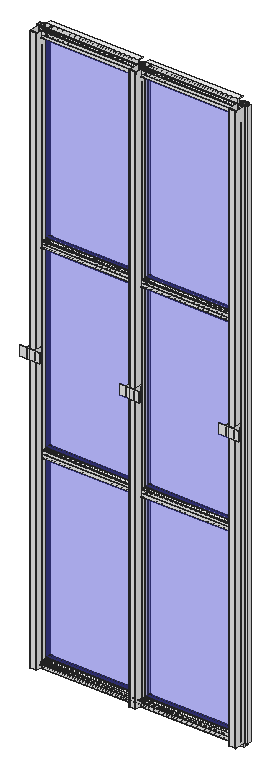
Revit family "Facade_60_Curtain_Wall_I23_Standard", category Windows, host Wall, Revit 2014 (continued)
Definition of nested family "F60 Vertical Profile Side_I23_Std"
  Automatic sketch dimensions
    Extrusion 4 sketch curve to Extrusion 4 sketch curve = 0.4 mm  (x2)
    Extrusion 4 sketch curve to Extrusion 4 sketch curve = 1.4 mm
    Extrusion 4 sketch curve to Extrusion 4 sketch curve = 0.539 mm  (x2)
    Extrusion 4 sketch curve to Extrusion 4 sketch curve = 0 mm
    plane 1 "Center (Front/Back)" to Extrusion 4 sketch curve = 14.874 mm
    plane 3 "Center (Left/Right)" to Extrusion 5 sketch curve = 0.001 mm
    Extrusion 5 sketch curve to Extrusion 5 sketch curve = 0.65 mm  (x2)
    Extrusion 5 sketch curve to Extrusion 5 sketch curve = 0.128 mm  (x2)
    plane 3 "Center (Left/Right)" to Extrusion 5 sketch curve = 1.015 mm
    plane 3 "Center (Left/Right)" to Extrusion 5 sketch curve = 1.051 mm
    Extrusion 5 sketch curve to Extrusion 5 sketch curve = 0.469 mm  (x2)
    Extrusion 5 sketch curve to Extrusion 5 sketch curve = 1.079 mm
    Extrusion 5 sketch curve to Extrusion 5 sketch curve = 1.317 mm  (x2)
    Extrusion 5 sketch curve to Extrusion 5 sketch curve = 0 mm  (x3)
    plane 3 "Center (Left/Right)" to Extrusion 5 sketch curve = 3.851 mm
    Extrusion 5 sketch curve to Extrusion 5 sketch curve = 0.15 mm  (x2)
    Extrusion 5 sketch curve to Extrusion 5 sketch curve = 26 mm  (x2)
    Extrusion 5 sketch curve to Extrusion 5 sketch curve = 1.05 mm
    plane 1 "Center (Front/Back)" to Extrusion 5 sketch curve = 16.772 mm
    Extrusion 5 sketch curve to Extrusion 5 sketch curve = 0.707 mm
    Extrusion 5 sketch curve to Extrusion 5 sketch curve = 0.433 mm
    plane 1 "Center (Front/Back)" to Extrusion 5 sketch curve = 17.298 mm
    plane 1 "Center (Front/Back)" to Extrusion 5 sketch curve = 14.076 mm
    Extrusion 5 sketch curve to Extrusion 5 sketch curve = 0.5 mm  (x2)
    plane 1 "Center (Front/Back)" to Extrusion 5 sketch curve = 18.761 mm
    Extrusion 5 sketch curve to Extrusion 5 sketch curve = 0.1 mm  (x3)
    Extrusion 5 sketch curve to Extrusion 5 sketch curve = 1.1 mm  (x2)
    Extrusion 5 sketch curve to Extrusion 5 sketch curve = 8.608 mm
    Extrusion 5 sketch curve to Extrusion 5 sketch curve = 0.962 mm
    Extrusion 6 sketch curve to plane 3 "Center (Left/Right)" = 0 mm
    plane 3 "Center (Left/Right)" to Extrusion 6 sketch curve = 1 mm
    plane 3 "Center (Left/Right)" to Extrusion 6 sketch curve = 1.65 mm
    plane 3 "Center (Left/Right)" to Extrusion 6 sketch curve = 1.85 mm
    Extrusion 6 sketch curve to Extrusion 6 sketch curve = 10.317 mm  (x3)
    Extrusion 6 sketch curve to Extrusion 6 sketch curve = 1.833 mm  (x4)
    Extrusion 6 sketch curve to Extrusion 6 sketch curve = 0.02 mm  (x2)
    Extrusion 6 sketch curve to plane 1 "Center (Front/Back)" = 13 mm
    Extrusion 6 sketch curve to Extrusion 6 sketch curve = 31.961 mm
    Extrusion 6 sketch curve to Extrusion 6 sketch curve = 32 mm
    Extrusion 6 sketch curve to Extrusion 6 sketch curve = 0.2 mm  (x5)
    Extrusion 6 sketch curve to Extrusion 6 sketch curve = 0.85 mm
    Extrusion 6 sketch curve to Extrusion 6 sketch curve = 1.65 mm
    Extrusion 6 sketch curve to Extrusion 6 sketch curve = 1 mm  (x8)
    Extrusion 6 sketch curve to Extrusion 6 sketch curve = 1.944 mm
    Extrusion 6 sketch curve to Extrusion 6 sketch curve = 4.656 mm  (x2)
    Extrusion 6 sketch curve to Extrusion 6 sketch curve = 82.1 mm
    Extrusion 6 sketch curve to Extrusion 6 sketch curve = 2.5 mm
    Extrusion 7 sketch curve to plane 3 "Center (Left/Right)" = 0 mm
    Extrusion 7 sketch curve to Extrusion 7 sketch curve = 1 mm  (x3)
    plane 3 "Center (Left/Right)" to Extrusion 7 sketch curve = 1.65 mm
    plane 3 "Center (Left/Right)" to Extrusion 7 sketch curve = 2.35 mm
    Extrusion 7 sketch curve to Extrusion 7 sketch curve = 0.6 mm  (x3)
    Extrusion 7 sketch curve to Extrusion 7 sketch curve = 9.217 mm  (x2)
    Extrusion 7 sketch curve to Extrusion 7 sketch curve = 1.833 mm  (x2)
    Extrusion 7 sketch curve to Extrusion 7 sketch curve = 32 mm
    Extrusion 7 sketch curve to plane 1 "Center (Front/Back)" = 15 mm
    Extrusion 7 sketch curve to Extrusion 7 sketch curve = 54.1 mm
    Extrusion 7 sketch curve to Extrusion 7 sketch curve = 1.3 mm
    Extrusion 7 sketch curve to Extrusion 7 sketch curve = 1.95 mm
    Extrusion 7 sketch curve to Extrusion 7 sketch curve = 1.65 mm
    Extrusion 7 sketch curve to Extrusion 7 sketch curve = 4.987 mm
    Extrusion 7 sketch curve to Extrusion 7 sketch curve = 4.813 mm
    Extrusion 7 sketch curve to Extrusion 7 sketch curve = 4.812 mm
    Extrusion 7 sketch curve to Extrusion 7 sketch curve = 137.5 mm
    Extrusion 7 sketch curve to Extrusion 7 sketch curve = 0.2 mm  (x2)
    Extrusion 7 sketch curve to Extrusion 7 sketch curve = 0.4 mm  (x2)
    Extrusion 7 sketch curve to Extrusion 7 sketch curve = 4.5 mm
    Extrusion 8 sketch curve to plane 3 "Center (Left/Right)" = 0 mm
    Extrusion 8 sketch curve to Extrusion 8 sketch curve = 1 mm  (x3)
    plane 3 "Center (Left/Right)" to Extrusion 8 sketch curve = 1.65 mm
    plane 3 "Center (Left/Right)" to Extrusion 8 sketch curve = 2.75 mm
    Extrusion 8 sketch curve to Extrusion 8 sketch curve = 0.8 mm  (x2)
    Extrusion 8 sketch curve to Extrusion 8 sketch curve = 52.5 mm
    Extrusion 8 sketch curve to plane 1 "Center (Front/Back)" = 15.1 mm
    Extrusion 8 sketch curve to Extrusion 8 sketch curve = 52.9 mm
    Extrusion 8 sketch curve to Extrusion 8 sketch curve = 1.9 mm
    Extrusion 8 sketch curve to Extrusion 8 sketch curve = 2.75 mm
    Extrusion 8 sketch curve to Extrusion 8 sketch curve = 4.444 mm
    Extrusion 8 sketch curve to Extrusion 8 sketch curve = 4.656 mm  (x2)
    Extrusion 8 sketch curve to Extrusion 8 sketch curve = 163.2 mm
    Extrusion 8 sketch curve to Extrusion 8 sketch curve = 9.5 mm
    plane 3 "Center (Left/Right)" to Extrusion 9 sketch curve = 25.249 mm
    Extrusion 9 sketch curve to Extrusion 9 sketch curve = 0.5 mm  (x4)
    Extrusion 9 sketch curve to Extrusion 9 sketch curve = 1.1 mm
    plane 1 "Center (Front/Back)" to Extrusion 9 sketch curve = 11.356 mm  (x2)
    Extrusion 9 sketch curve to Extrusion 9 sketch curve = 0.293 mm  (x2)
    Extrusion 9 sketch curve to Extrusion 9 sketch curve = 1.896 mm
    Extrusion 9 sketch curve to Extrusion 9 sketch curve = 1.922 mm
    Extrusion 9 sketch curve to Extrusion 9 sketch curve = 1 mm  (x2)
    Extrusion 9 sketch curve to Extrusion 9 sketch curve = 0.7 mm
    Extrusion 9 sketch curve to Extrusion 9 sketch curve = 0.808 mm
    Extrusion 9 sketch curve to plane 1 "Center (Front/Back)" = 2.272 mm  (x2)
    Extrusion 9 sketch curve to Extrusion 9 sketch curve = 0.303 mm
    Extrusion 9 sketch curve to plane 1 "Center (Front/Back)" = 1.745 mm
    Extrusion 9 sketch curve to Extrusion 9 sketch curve = 0.356 mm
    plane 1 "Center (Front/Back)" to Extrusion 9 sketch curve = 9.206 mm  (x2)
    Extrusion 9 sketch curve to Extrusion 9 sketch curve = 1.647 mm
    Extrusion 9 sketch curve to Extrusion 9 sketch curve = 0.701 mm
    Extrusion 9 sketch curve to Extrusion 9 sketch curve = 0.992 mm
    Extrusion 9 sketch curve to Extrusion 9 sketch curve = 0.003 mm
    Extrusion 9 sketch curve to Extrusion 9 sketch curve = 0.002 mm
    Extrusion 9 sketch curve to Extrusion 9 sketch curve = 0.004 mm
    Extrusion 9 sketch curve to Extrusion 9 sketch curve = 0.708 mm
    Extrusion 9 sketch curve to plane 1 "Center (Front/Back)" = 1.946 mm
    Extrusion 9 sketch curve to Extrusion 9 sketch curve = 0.899 mm
    Extrusion 9 sketch curve to Extrusion 9 sketch curve = 0.444 mm
    Extrusion 9 sketch curve to Extrusion 9 sketch curve = 3.038 mm
    Extrusion 9 sketch curve to plane 1 "Center (Front/Back)" = 0.385 mm  (x2)
    Extrusion 9 sketch curve to Extrusion 9 sketch curve = 0.756 mm
    Extrusion 9 sketch curve to Extrusion 9 sketch curve = 2.153 mm
    Extrusion 9 sketch curve to Extrusion 9 sketch curve = 0.631 mm
    Extrusion 9 sketch curve to Extrusion 9 sketch curve = 0.807 mm
    Extrusion 9 sketch curve to Extrusion 9 sketch curve = 1.646 mm
    Extrusion 9 sketch curve to Extrusion 9 sketch curve = 0.707 mm
    Extrusion 9 sketch curve to Extrusion 9 sketch curve = 1.393 mm
    Extrusion 9 sketch curve to Extrusion 9 sketch curve = 1.923 mm
    Extrusion 9 sketch curve to Extrusion 9 sketch curve = 11.937 mm
    Extrusion 9 sketch curve to Extrusion 9 sketch curve = 1.6 mm
    Extrusion 9 sketch curve to Extrusion 9 sketch curve = 0.9 mm  (x2)
    Extrusion 9 sketch curve to Extrusion 9 sketch curve = 1.356 mm  (x2)
    Extrusion 9 sketch curve to Extrusion 9 sketch curve = 0.714 mm
    Extrusion 9 sketch curve to Extrusion 9 sketch curve = 0.02 mm
    Extrusion 9 sketch curve to Extrusion 9 sketch curve = 0.399 mm
    Extrusion 9 sketch curve to Extrusion 9 sketch curve = 2.224 mm
    Extrusion 9 sketch curve to Extrusion 9 sketch curve = 0.448 mm
    Extrusion 9 sketch curve to plane 1 "Center (Front/Back)" = 0.198 mm
    Extrusion 9 sketch curve to plane 1 "Center (Front/Back)" = 0.201 mm
    Extrusion 9 sketch curve to Extrusion 9 sketch curve = 0.032 mm
    Extrusion 9 sketch curve to Extrusion 9 sketch curve = 0 mm
    plane 3 "Center (Left/Right)" to Extrusion 10 sketch curve = 1.014 mm
    Extrusion 10 sketch curve to Extrusion 10 sketch curve = 0.469 mm  (x2)
    plane 3 "Center (Left/Right)" to Extrusion 10 sketch curve = 1.706 mm
    Extrusion 10 sketch curve to Extrusion 10 sketch curve = 1.079 mm
    Extrusion 10 sketch curve to Extrusion 10 sketch curve = 0.864 mm
    Extrusion 10 sketch curve to Extrusion 10 sketch curve = 1.15 mm  (x4)
    Extrusion 10 sketch curve to Extrusion 10 sketch curve = 3.2 mm  (x2)
    Extrusion 10 sketch curve to Extrusion 10 sketch curve = 3.031 mm  (x2)
    Extrusion 10 sketch curve to Extrusion 10 sketch curve = 0.6 mm  (x3)
    Extrusion 10 sketch curve to Extrusion 10 sketch curve = 15.584 mm  (x2)
    Extrusion 10 sketch curve to Extrusion 10 sketch curve = 0.808 mm  (x2)
    Extrusion 10 sketch curve to Extrusion 10 sketch curve = 3.038 mm
    Extrusion 10 sketch curve to Extrusion 10 sketch curve = 0.865 mm
    Extrusion 10 sketch curve to Extrusion 10 sketch curve = 1.25 mm  (x5)
    Extrusion 10 sketch curve to Extrusion 10 sketch curve = 0.61 mm
    plane 1 "Center (Front/Back)" to Extrusion 10 sketch curve = 31.288 mm
    Extrusion 10 sketch curve to Extrusion 10 sketch curve = 0.362 mm
    plane 1 "Center (Front/Back)" to Extrusion 10 sketch curve = 31.65 mm
    Extrusion 10 sketch curve to Extrusion 10 sketch curve = 0.962 mm
    Extrusion 10 sketch curve to Extrusion 10 sketch curve = 0.85 mm
    Extrusion 10 sketch curve to Extrusion 10 sketch curve = 0.512 mm  (x2)
    Extrusion 10 sketch curve to Extrusion 10 sketch curve = 0.4 mm  (x2)
    Extrusion 10 sketch curve to Extrusion 10 sketch curve = 1 mm
    Extrusion 10 sketch curve to Extrusion 10 sketch curve = 2.8 mm
    Extrusion 10 sketch curve to Extrusion 10 sketch curve = 0 mm  (x2)
    Extrusion 10 sketch curve to Extrusion 10 sketch curve = 1.4 mm
    Extrusion 10 sketch curve to Extrusion 10 sketch curve = 0.539 mm  (x2)
    plane 1 "Center (Front/Back)" to Extrusion 10 sketch curve = 28.864 mm
    Extrusion 11 sketch curve to plane 3 "Center (Left/Right)" = 0 mm
    plane 3 "Center (Left/Right)" to Extrusion 11 sketch curve = 0.65 mm
    Extrusion 11 sketch curve to Extrusion 11 sketch curve = 0.128 mm  (x2)
    plane 3 "Center (Left/Right)" to Extrusion 11 sketch curve = 1.014 mm
    plane 3 "Center (Left/Right)" to Extrusion 11 sketch curve = 1.05 mm
    Extrusion 11 sketch curve to Extrusion 11 sketch curve = 0.469 mm  (x2)
    Extrusion 11 sketch curve to Extrusion 11 sketch curve = 1.079 mm
    Extrusion 11 sketch curve to Extrusion 11 sketch curve = 1.317 mm  (x2)
    Extrusion 11 sketch curve to Extrusion 11 sketch curve = 0 mm  (x3)
    plane 3 "Center (Left/Right)" to Extrusion 11 sketch curve = 3.85 mm
    Extrusion 11 sketch curve to Extrusion 11 sketch curve = 0.15 mm  (x2)
    Extrusion 11 sketch curve to Extrusion 11 sketch curve = 26 mm  (x2)
    Extrusion 11 sketch curve to Extrusion 11 sketch curve = 1.05 mm
    Extrusion 11 sketch curve to Extrusion 11 sketch curve = 0.707 mm
    Extrusion 11 sketch curve to Extrusion 11 sketch curve = 0.433 mm
    plane 1 "Center (Front/Back)" to Extrusion 11 sketch curve = 31.288 mm
    plane 1 "Center (Front/Back)" to Extrusion 11 sketch curve = 28.065 mm
    Extrusion 11 sketch curve to Extrusion 11 sketch curve = 1.314 mm
    Extrusion 11 sketch curve to Extrusion 11 sketch curve = 0.65 mm
    Extrusion 11 sketch curve to Extrusion 11 sketch curve = 0.5 mm  (x2)
    plane 1 "Center (Front/Back)" to Extrusion 11 sketch curve = 32.75 mm
    Extrusion 11 sketch curve to Extrusion 11 sketch curve = 0.1 mm  (x3)
    Extrusion 11 sketch curve to Extrusion 11 sketch curve = 1.1 mm  (x2)
    Extrusion 11 sketch curve to Extrusion 11 sketch curve = 8.608 mm
    Extrusion 11 sketch curve to Extrusion 11 sketch curve = 0.962 mm
    Extrusion 12 sketch curve to plane 3 "Center (Left/Right)" = 21.349 mm
    Extrusion 12 sketch curve to Extrusion 12 sketch curve = 6.35 mm
    plane 3 "Center (Left/Right)" to Extrusion 12 sketch curve = 10.403 mm
    plane 1 "Center (Front/Back)" to Extrusion 12 sketch curve = 35.567 mm
    plane 1 "Center (Front/Back)" to Extrusion 12 sketch curve = 10.171 mm
    plane 1 "Center (Front/Back)" to Extrusion 12 sketch curve = 3.821 mm
    Extrusion 13 sketch curve to plane 3 "Center (Left/Right)" = 21.35 mm
    Extrusion 13 sketch curve to Extrusion 13 sketch curve = 6.35 mm
    plane 3 "Center (Left/Right)" to Extrusion 13 sketch curve = 10.402 mm
    plane 1 "Center (Front/Back)" to Extrusion 13 sketch curve = 33.172 mm
    plane 1 "Center (Front/Back)" to Extrusion 13 sketch curve = 7.775 mm
    plane 1 "Center (Front/Back)" to Extrusion 13 sketch curve = 1.425 mm
    Extrusion 14 sketch curve to plane 3 "Center (Left/Right)" = 0 mm
    plane 3 "Center (Left/Right)" to Extrusion 14 sketch curve = 1.2 mm
    Extrusion 14 sketch curve to Extrusion 14 sketch curve = 9.6 mm
    Extrusion 14 sketch curve to Extrusion 14 sketch curve = 1.2 mm  (x3)
    plane 1 "Center (Front/Back)" to Extrusion 14 sketch curve = 25.775 mm
    plane 1 "Center (Front/Back)" to Extrusion 14 sketch curve = 8.975 mm
    curve 4 to Extrusion 6 = 0 mm
    curve 3 to Extrusion 6 = 0 mm
    curve 1 to Extrusion 6 = 0 mm
    curve 4 to Extrusion 6 = 3.6 mm
    curve 3 to Extrusion 6 = 3.6 mm
    curve 1 to Extrusion 6 = 3.6 mm
    Extrusion 6 to curve 2 = 1 mm
    Extrusion 6 to curve 5 = 1 mm
    Extrusion 6 to curve 6 = 1 mm
    curve 6 to Extrusion 6 = 1 mm
    curve 5 to Extrusion 6 = 1 mm
    curve 2 to Extrusion 6 = 1 mm
    curve 9 to Extrusion 6 = 0 mm
    curve 8 to Extrusion 6 = 0 mm
    curve 7 to Extrusion 6 = 0 mm
    Extrusion 6 to curve 8 = 3.6 mm
    Extrusion 6 to curve 9 = 3.6 mm
    Extrusion 6 to curve 7 = 3.6 mm
    curve 12 to Extrusion 5 = 25.894 mm
    curve 11 to Extrusion 5 = 25.894 mm
    curve 10 to Extrusion 5 = 25.894 mm
    curve 10 to Extrusion 5 = 0.108 mm
    Extrusion 5 to curve 12 = 0.703 mm
    Extrusion 5 to curve 11 = 0.703 mm
    curve 13 to Extrusion 5 = 4 mm
    curve 14 to Extrusion 5 = 4 mm
    curve 15 to Extrusion 5 = 4 mm
    Extrusion 5 to curve 15 = 0.702 mm
    Extrusion 5 to curve 14 = 0.702 mm
    Extrusion 5 to curve 13 = 0.702 mm
    curve 18 to Extrusion 7 = 0 mm
    curve 17 to Extrusion 7 = 0 mm
    curve 16 to Extrusion 7 = 0 mm
    Extrusion 7 to curve 17 = 3.6 mm
    Extrusion 7 to curve 18 = 3.6 mm
    Extrusion 7 to curve 16 = 3.6 mm
    Extrusion 7 to curve 21 = 1 mm  (x2)
    Extrusion 7 to curve 20 = 1 mm  (x2)
    Extrusion 7 to curve 19 = 1 mm  (x2)
    curve 24 to Extrusion 7 = 0 mm
    curve 23 to Extrusion 7 = 0 mm
    curve 22 to Extrusion 7 = 0 mm
    curve 24 to Extrusion 7 = 3.6 mm
    curve 23 to Extrusion 7 = 3.6 mm
    curve 22 to Extrusion 7 = 3.6 mm
    curve 27 to Extrusion 8 = 0 mm
    curve 26 to Extrusion 8 = 0 mm
    curve 25 to Extrusion 8 = 0 mm
    Extrusion 8 to curve 26 = 3.6 mm
    Extrusion 8 to curve 27 = 3.6 mm
    Extrusion 8 to curve 25 = 3.6 mm
    Extrusion 8 to curve 30 = 0.221 mm
    Extrusion 8 to curve 29 = 0.221 mm
    Extrusion 8 to curve 28 = 0.221 mm
    curve 29 to Extrusion 8 = 0.222 mm
    curve 30 to Extrusion 8 = 0.222 mm
    curve 28 to Extrusion 8 = 0.222 mm
    curve 33 to Extrusion 8 = 0 mm
    curve 32 to Extrusion 8 = 0 mm
    curve 31 to Extrusion 8 = 0 mm
    curve 33 to Extrusion 8 = 3.6 mm
    curve 32 to Extrusion 8 = 3.6 mm
    curve 31 to Extrusion 8 = 3.6 mm
    curve 34 to Extrusion 11 = 4.016 mm
    curve 35 to Extrusion 11 = 4.016 mm
    curve 36 to Extrusion 11 = 3.97 mm
    Extrusion 11 to curve 36 = 0.637 mm
    Extrusion 11 to curve 35 = 0.637 mm
    Extrusion 11 to curve 34 = 0.637 mm
    curve 37 to Extrusion 11 = 29.221 mm
    curve 38 to Extrusion 11 = 29.221 mm
    curve 39 to Extrusion 11 = 29.221 mm
    Extrusion 11 to curve 39 = 3.222 mm
    Extrusion 11 to curve 38 = 3.222 mm
    Extrusion 11 to curve 37 = 3.222 mm
Definition of nested family "F60 Horizontal Profile Top_I23_Std"
  Parameters (values of type "F60 Horizontal Profile Top")
    Thermal Break Material [instance] = none
    Single Glazing [instance] = yes
    Profile Material [instance] = none
    Length [instance] = 250 mm
    Double Glazing [instance] = yes
  Reference planes
    plane 1 "Center (Front/Back)": y = 0
    plane 2: z = 0
    plane 3 "Center (Left/Right)": x = 0
  Forms (mm)
    Extrusion 1, solid, material <- "Profile Material"
      sketch origin (0, 0, 0) x (0, 1, 0) y (0, 0, 1)
        loop
          line (-9.94, 7.845) -> (-8.37, 6.275) -> (-1.2, 10.415) -> (-1.2, 1.2) -> (-5, 1.2) -> (-5, 0) -> (-1, 0)
          arc (-1, 0) -> (-0.293, 0.293) -> (0, 1) r 1
          line (0, 1) -> (0, 30) -> (0, 59)
          arc (0, 59) -> (-0.293, 59.707) -> (-1, 60) r 1
          line (-1, 60) -> (-5, 60) -> (-5, 58.8) -> (-1.2, 58.8) -> (-1.2, 49.585) -> (-8.37, 53.725) -> (-9.94, 52.155)
          arc (-9.94, 52.155) -> (-9.902, 51.269) -> (-9.016, 51.232) r 0.655
          line (-9.016, 51.232) -> (-8.077, 52.17) -> (-1.2, 48.2) -> (-1.2, 30) -> (-1.2, 11.8) -> (-8.077, 7.83) -> (-9.016, 8.768)
          arc (-9.016, 8.768) -> (-9.902, 8.731) -> (-9.94, 7.845) r 0.655
      from 0 to 250 <- "Length"
    Extrusion 2, solid, material <- "Profile Material"
      sketch origin (0, 0, 0) x (0, 1, 0) y (0, 0, 1)
        loop
          line (-5, 60) -> (-44.6, 60) -> (-44.6, 58.35) -> (-39.944, 58.35) -> (-39.944, 1.65) -> (-44.6, 1.65) -> (-44.6, 0) -> (-5, 0) -> (-5, 2.2) -> (-4.2, 2.2) -> (-4.2, 3.018)
          arc (-4.2, 3.018) -> (-4.352, 3.783) -> (-4.786, 4.432) r 2
          line (-4.786, 4.432) -> (-7.054, 6.7) -> (-8, 6.489) -> (-8, 5.7) -> (-7.205, 5.7) -> (-7.205, 2.95) -> (-8, 2.95) -> (-8, 1.95) -> (-12.752, 1.95) -> (-12.752, 6.7) -> (-14.152, 6.7) -> (-14.152, 1.65) -> (-38.65, 1.65) -> (-38.65, 8.33) -> (-37.097, 8.33) -> (-34.666, 6.973)
          arc (-34.666, 6.973) -> (-33.846, 7.192) -> (-34.066, 8.012) r 0.6
          line (-34.066, 8.012) -> (-37.128, 9.78) -> (-38.65, 9.78) -> (-38.65, 12.65) -> (-37.6, 13.7) -> (-37.6, 20.3) -> (-38.65, 21.35) -> (-38.65, 38.65) -> (-37.6, 39.7) -> (-37.6, 46.3) -> (-38.65, 47.35) -> (-38.65, 50.22) -> (-37.128, 50.22) -> (-34.066, 51.988)
          arc (-34.066, 51.988) -> (-33.846, 52.808) -> (-34.666, 53.027) r 0.6
          line (-34.666, 53.027) -> (-37.032, 51.661) -> (-38.65, 51.661) -> (-38.65, 58.35) -> (-14.152, 58.35) -> (-14.152, 53.3) -> (-12.752, 53.3) -> (-12.752, 58.05) -> (-8, 58.05) -> (-8, 57.05) -> (-7.205, 57.05) -> (-7.205, 54.3) -> (-8, 54.3) -> (-8, 53.511) -> (-7.054, 53.3) -> (-4.786, 55.568)
          arc (-4.786, 55.568) -> (-4.352, 56.217) -> (-4.2, 56.982) r 2
          line (-4.2, 56.982) -> (-4.2, 57.8) -> (-5, 57.8) -> (-5, 60)
      from 0 to 250 <- "Length"
    Extrusion 3, solid, material <- "Thermal Break Material"
      sketch origin (0, 0, 0) x (0, 1, 0) y (0, 0, 1)
        loop
          line (-40, 1.75) -> (-40, 30) -> (-40, 58.25) -> (-44.6, 58.25) -> (-44.6, 60) -> (-45.9, 60) -> (-45.9, 53.65) -> (-41.788, 53.65)
          arc (-41.788, 53.65) -> (-41.363, 53.474) -> (-41.187, 53.05) r 0.6
          line (-41.187, 53.05) -> (-41.187, 30) -> (-41.187, 6.95)
          arc (-41.187, 6.95) -> (-41.363, 6.526) -> (-41.788, 6.35) r 0.6
          line (-41.788, 6.35) -> (-45.9, 6.35) -> (-45.9, 0) -> (-44.6, 0) -> (-44.6, 1.75) -> (-40, 1.75)
      from 0 to 250 <- "Length"
    Extrusion 4, solid, material <- "Profile Material"
      sketch origin (0, 0, 0) x (0, 1, 0) y (0, 0, 1)
        loop
          line (-58.5, 25.249) -> (-43.6, 25.249)
          arc (-43.6, 25.249) -> (-43.034, 25.015) -> (-42.8, 24.449) r 0.8
          line (-42.8, 24.449) -> (-42.8, 7.9) -> (-44.4, 7.9) -> (-44.4, 9.45) -> (-45.25, 9.45)
          arc (-45.25, 9.45) -> (-45.674, 9.274) -> (-45.85, 8.85) r 0.6
          line (-45.85, 8.85) -> (-45.85, 7.9) -> (-48.8, 7.9)
          arc (-48.8, 7.9) -> (-49.3, 8.4) -> (-49.8, 7.9) r 0.5
          line (-49.8, 7.9) -> (-49.8, 5.55) -> (-48.65, 5.55) -> (-48.65, 6.7) -> (-47.35, 6.7) -> (-47.35, 1.2) -> (-48.65, 1.2) -> (-48.65, 2.35) -> (-49.8, 2.35) -> (-49.8, 0.5)
          arc (-49.8, 0.5) -> (-49.654, 0.146) -> (-49.3, 0) r 0.5
          line (-49.3, 0) -> (-45.9, 0) -> (-45.9, 6.45) -> (-42.2, 6.45)
          arc (-42.2, 6.45) -> (-41.634, 6.684) -> (-41.4, 7.25) r 0.8
          line (-41.4, 7.25) -> (-41.4, 30) -> (-41.4, 52.75)
          arc (-41.4, 52.75) -> (-41.634, 53.316) -> (-42.2, 53.55) r 0.8
          line (-42.2, 53.55) -> (-45.9, 53.55) -> (-45.9, 60) -> (-49.3, 60)
          arc (-49.3, 60) -> (-49.654, 59.854) -> (-49.8, 59.5) r 0.5
          line (-49.8, 59.5) -> (-49.8, 57.65) -> (-48.65, 57.65) -> (-48.65, 58.8) -> (-47.35, 58.8) -> (-47.35, 53.3) -> (-48.65, 53.3) -> (-48.65, 54.45) -> (-49.8, 54.45) -> (-49.8, 52.1)
          arc (-49.8, 52.1) -> (-49.3, 51.6) -> (-48.8, 52.1) r 0.5
          line (-48.8, 52.1) -> (-45.85, 52.1) -> (-45.85, 51.15)
          arc (-45.85, 51.15) -> (-45.674, 50.726) -> (-45.25, 50.55) r 0.6
          line (-45.25, 50.55) -> (-44.4, 50.55) -> (-44.4, 52.1) -> (-42.8, 52.1) -> (-42.8, 35.551)
          arc (-42.8, 35.551) -> (-43.034, 34.985) -> (-43.6, 34.751) r 0.8
          line (-43.6, 34.751) -> (-58.5, 34.751)
          arc (-58.5, 34.751) -> (-59.066, 34.516) -> (-59.3, 33.951) r 0.8
          line (-59.3, 33.951) -> (-59.3, 32.902) -> (-42.8, 32.902) -> (-42.8, 27.1) -> (-59.3, 27.1) -> (-59.3, 26.049)
          arc (-59.3, 26.049) -> (-59.066, 25.484) -> (-58.5, 25.249) r 0.8
      from 0 to 250 <- "Length"
    Extrusion 5, solid, material <- "Thermal Break Material", visible <- "Single Glazing"
      sketch origin (0, 0, 0) x (0, 1, 0) y (0, 0, 1)
        loop
          arc (-63.8, 25.751) -> (-63.654, 25.397) -> (-63.3, 25.251) r 0.5
          line (-63.3, 25.251) -> (-59.8, 25.251)
          arc (-59.8, 25.251) -> (-59.446, 25.397) -> (-59.3, 25.751) r 0.5
          line (-59.3, 25.751) -> (-59.3, 27.648) -> (-49.599, 27.648) -> (-47.528, 28.651)
          arc (-47.528, 28.651) -> (-46.803, 30.001) -> (-47.528, 31.351) r 1.62
          line (-47.528, 31.351) -> (-49.599, 32.353) -> (-59.3, 32.353) -> (-59.3, 34.251)
          arc (-59.3, 34.251) -> (-59.446, 34.604) -> (-59.8, 34.751) r 0.5
          line (-59.8, 34.751) -> (-63.3, 34.751)
          arc (-63.3, 34.751) -> (-63.654, 34.604) -> (-63.8, 34.251) r 0.5
          line (-63.8, 34.251) -> (-63.8, 32.328) -> (-62.4, 31.52) -> (-62.4, 28.483) -> (-63.8, 27.673) -> (-63.8, 25.751)
        loop
          line (-59.794, 28.506) -> (-59.006, 29.294)
          arc (-59.006, 29.294) -> (-58.788, 29.618) -> (-58.713, 30.001) r 0.986
          arc (-58.713, 30.001) -> (-58.79, 30.384) -> (-59.008, 30.71) r 1.007
          line (-59.008, 30.71) -> (-59.794, 31.496) -> (-60.65, 31.496)
          arc (-60.65, 31.496) -> (-61.004, 31.349) -> (-61.15, 30.996) r 0.5
          line (-61.15, 30.996) -> (-61.15, 29.006)
          arc (-61.15, 29.006) -> (-61.004, 28.652) -> (-60.65, 28.506) r 0.5
          line (-60.65, 28.506) -> (-59.794, 28.506)
        loop
          line (-47.854, 30.898) -> (-49.415, 31.653) -> (-56.782, 31.653)
          arc (-56.782, 31.653) -> (-57.207, 31.417) -> (-57.23, 30.932) r 0.5
          arc (-57.23, 30.932) -> (-57.013, 30.001) -> (-57.23, 29.07) r 2.099
          arc (-57.23, 29.07) -> (-57.207, 28.584) -> (-56.782, 28.348) r 0.5
          line (-56.782, 28.348) -> (-49.415, 28.348) -> (-48.055, 29.007)
          arc (-48.055, 29.007) -> (-47.35, 29.888) -> (-47.854, 30.898) r 1.047
      from 0 to 250 <- "Length"
    Extrusion 6, solid, material <- "Profile Material", visible <- "Single Glazing"
      sketch origin (0, 0, 0) x (0, 1, 0) y (0, 0, 1)
        loop
          line (-63.8, 52.694) -> (-64.8, 52.694) -> (-64.8, 51.544) -> (-66.05, 51.544) -> (-66.05, 57.044) -> (-64.8, 57.044) -> (-64.8, 55.894) -> (-63.8, 55.894) -> (-63.8, 58.294)
          arc (-63.8, 58.294) -> (-64.082, 58.803) -> (-64.664, 58.835) r 0.6
          line (-64.664, 58.835) -> (-66.562, 57.91) -> (-67.088, 58.988) -> (-68.05, 58.519) -> (-68.05, 48.513)
          arc (-68.05, 48.513) -> (-67.874, 48.089) -> (-67.45, 47.913) r 0.6
          line (-67.45, 47.913) -> (-66.6, 47.913) -> (-66.6, 12.09) -> (-67.45, 12.09)
          arc (-67.45, 12.09) -> (-67.874, 11.914) -> (-68.05, 11.49) r 0.6
          line (-68.05, 11.49) -> (-68.05, 1.485) -> (-67.088, 1.016) -> (-66.562, 2.095) -> (-64.663, 1.169)
          arc (-64.663, 1.169) -> (-64.082, 1.2) -> (-63.8, 1.709) r 0.6
          line (-63.8, 1.709) -> (-63.8, 4.109) -> (-64.8, 4.109) -> (-64.8, 2.959) -> (-66.05, 2.959) -> (-66.05, 8.459) -> (-64.8, 8.459) -> (-64.8, 7.309) -> (-63.8, 7.309) -> (-63.8, 27.674) -> (-62.4, 28.483) -> (-62.4, 31.521) -> (-63.8, 32.329) -> (-63.8, 52.694)
      from 0 to 250 <- "Length"
    Extrusion 7, solid, material <- "Profile Material", visible <- "Single Glazing"
      sketch origin (0, 0, 0) x (0, 1, 0) y (0, 0, 1)
        loop
          line (-68.551, 3.3) -> (-76.559, 3.3) -> (-76.559, 30) -> (-76.559, 56.15)
          arc (-76.559, 56.15) -> (-75.739, 58.13) -> (-73.759, 58.95) r 2.8
          line (-73.759, 58.95) -> (-69.151, 58.95) -> (-69.151, 57.2)
          arc (-69.151, 57.2) -> (-68.987, 56.829) -> (-68.601, 56.703) r 0.5
          arc (-68.601, 56.703) -> (-68.216, 56.829) -> (-68.051, 57.2) r 0.5
          line (-68.051, 57.2) -> (-68.051, 58.517) -> (-67.089, 58.986) -> (-66.563, 57.907) -> (-63.866, 59.222)
          arc (-63.866, 59.222) -> (-64.001, 59.762) -> (-64.504, 60) r 0.65
          line (-64.504, 60) -> (-73.859, 60)
          arc (-73.859, 60) -> (-76.687, 58.828) -> (-77.859, 56) r 4
          line (-77.859, 56) -> (-77.859, 30) -> (-77.859, 2.493)
          arc (-77.859, 2.493) -> (-77.197, 0.799) -> (-75.562, 0.002) r 2.5
          arc (-75.562, 0.002) -> (-75.182, 0.132) -> (-75.021, 0.5) r 0.5
          line (-75.021, 0.5) -> (-75.021, 2) -> (-69.151, 2) -> (-69.151, 0.5)
          arc (-69.151, 0.5) -> (-69.005, 0.146) -> (-68.651, 0) r 0.5
          line (-68.651, 0) -> (-64.504, 0)
          arc (-64.504, 0) -> (-64.001, 0.238) -> (-63.866, 0.778) r 0.65
          line (-63.866, 0.778) -> (-66.563, 2.093) -> (-67.089, 1.014) -> (-68.051, 1.483) -> (-68.051, 2.8)
          arc (-68.051, 2.8) -> (-68.198, 3.154) -> (-68.551, 3.3) r 0.5
      from 0 to 250 <- "Length"
    Extrusion 8, solid, material <- "Thermal Break Material", visible <- "Double Glazing"
      sketch origin (0, 0, 0) x (0, 1, 0) y (0, 0, 1)
        loop
          line (-77.8, 27.673) -> (-77.8, 25.751)
          arc (-77.8, 25.751) -> (-77.654, 25.397) -> (-77.3, 25.251) r 0.5
          line (-77.3, 25.251) -> (-59.8, 25.251)
          arc (-59.8, 25.251) -> (-59.446, 25.397) -> (-59.3, 25.751) r 0.5
          line (-59.3, 25.751) -> (-59.3, 27.647) -> (-49.599, 27.647) -> (-47.528, 28.649)
          arc (-47.528, 28.649) -> (-46.803, 29.999) -> (-47.528, 31.349) r 1.62
          line (-47.528, 31.349) -> (-49.602, 32.353) -> (-59.3, 32.353) -> (-59.3, 34.251)
          arc (-59.3, 34.251) -> (-59.446, 34.604) -> (-59.8, 34.751) r 0.5
          line (-59.8, 34.751) -> (-77.3, 34.751)
          arc (-77.3, 34.751) -> (-77.654, 34.604) -> (-77.8, 34.251) r 0.5
          line (-77.8, 34.251) -> (-77.8, 32.327) -> (-76.4, 31.52) -> (-76.4, 28.482) -> (-77.8, 27.673)
        loop
          line (-59.006, 30.708) -> (-61.156, 32.858)
          arc (-61.156, 32.858) -> (-61.48, 33.074) -> (-61.863, 33.151) r 1
          line (-61.863, 33.151) -> (-73.8, 33.151)
          arc (-73.8, 33.151) -> (-74.507, 32.858) -> (-74.8, 32.151) r 1
          line (-74.8, 32.151) -> (-74.8, 27.851)
          arc (-74.8, 27.851) -> (-74.507, 27.144) -> (-73.8, 26.851) r 1
          line (-73.8, 26.851) -> (-61.863, 26.851)
          arc (-61.863, 26.851) -> (-61.48, 26.927) -> (-61.156, 27.144) r 1
          line (-61.156, 27.144) -> (-59.006, 29.294)
          arc (-59.006, 29.294) -> (-58.788, 29.618) -> (-58.713, 30.001) r 0.986
          arc (-58.713, 30.001) -> (-58.79, 30.383) -> (-59.006, 30.708) r 1.007
        loop
          line (-56.782, 28.347) -> (-49.415, 28.347) -> (-48.055, 29.005)
          arc (-48.055, 29.005) -> (-47.35, 29.887) -> (-47.854, 30.896) r 1.047
          line (-47.854, 30.896) -> (-49.415, 31.652) -> (-56.782, 31.652)
          arc (-56.782, 31.652) -> (-57.207, 31.416) -> (-57.23, 30.93) r 0.5
          arc (-57.23, 30.93) -> (-57.013, 29.999) -> (-57.23, 29.068) r 2.099
          arc (-57.23, 29.068) -> (-57.207, 28.583) -> (-56.782, 28.347) r 0.5
      from 0 to 250 <- "Length"
    Extrusion 9, solid, material <- "Profile Material", visible <- "Double Glazing"
      sketch origin (0, 0, 0) x (0, 1, 0) y (0, 0, 1)
        loop
          line (-77.8, 52.694) -> (-78.8, 52.694) -> (-78.8, 51.544) -> (-80.05, 51.544) -> (-80.05, 57.044) -> (-78.8, 57.044) -> (-78.8, 55.894) -> (-77.8, 55.894) -> (-77.8, 58.294)
          arc (-77.8, 58.294) -> (-78.082, 58.802) -> (-78.664, 58.834) r 0.6
          line (-78.664, 58.834) -> (-80.562, 57.909) -> (-81.088, 58.988) -> (-82.05, 58.518) -> (-82.05, 48.512)
          arc (-82.05, 48.512) -> (-81.874, 48.088) -> (-81.45, 47.912) r 0.6
          line (-81.45, 47.912) -> (-80.6, 47.912) -> (-80.6, 12.089) -> (-81.45, 12.089)
          arc (-81.45, 12.089) -> (-81.874, 11.913) -> (-82.05, 11.489) r 0.6
          line (-82.05, 11.489) -> (-82.05, 1.484) -> (-81.088, 1.015) -> (-80.562, 2.094) -> (-78.663, 1.169)
          arc (-78.663, 1.169) -> (-78.082, 1.199) -> (-77.8, 1.708) r 0.6
          line (-77.8, 1.708) -> (-77.8, 4.108) -> (-78.8, 4.108) -> (-78.8, 2.958) -> (-80.05, 2.958) -> (-80.05, 8.458) -> (-78.8, 8.458) -> (-78.8, 7.308) -> (-77.8, 7.308) -> (-77.8, 27.673) -> (-76.4, 28.482) -> (-76.4, 31.52) -> (-77.8, 32.328) -> (-77.8, 52.694)
      from 0 to 250 <- "Length"
    Extrusion 10, solid, material <- "Profile Material", visible <- "Double Glazing"
      sketch origin (0, 0, 0) x (0, 1, 0) y (0, 0, 1)
        loop
          line (-82.551, 3.3) -> (-90.558, 3.3) -> (-90.558, 30) -> (-90.558, 56.15)
          arc (-90.558, 56.15) -> (-89.738, 58.13) -> (-87.758, 58.95) r 2.8
          line (-87.758, 58.95) -> (-83.151, 58.95) -> (-83.151, 57.2)
          arc (-83.151, 57.2) -> (-82.986, 56.829) -> (-82.601, 56.703) r 0.5
          arc (-82.601, 56.703) -> (-82.215, 56.829) -> (-82.051, 57.2) r 0.5
          line (-82.051, 57.2) -> (-82.051, 58.517) -> (-81.088, 58.986) -> (-80.563, 57.907) -> (-77.866, 59.222)
          arc (-77.866, 59.222) -> (-78, 59.762) -> (-78.503, 60) r 0.65
          line (-78.503, 60) -> (-87.858, 60)
          arc (-87.858, 60) -> (-90.687, 58.828) -> (-91.858, 56) r 4
          line (-91.858, 56) -> (-91.858, 30) -> (-91.858, 2.493)
          arc (-91.858, 2.493) -> (-91.196, 0.799) -> (-89.561, 0.002) r 2.5
          arc (-89.561, 0.002) -> (-89.182, 0.132) -> (-89.021, 0.5) r 0.5
          line (-89.021, 0.5) -> (-89.021, 2) -> (-83.151, 2) -> (-83.151, 0.5)
          arc (-83.151, 0.5) -> (-83.004, 0.146) -> (-82.651, 0) r 0.5
          line (-82.651, 0) -> (-78.503, 0)
          arc (-78.503, 0) -> (-78, 0.238) -> (-77.866, 0.778) r 0.65
          line (-77.866, 0.778) -> (-80.563, 2.093) -> (-81.088, 1.014) -> (-82.051, 1.483) -> (-82.051, 2.8)
          arc (-82.051, 2.8) -> (-82.197, 3.154) -> (-82.551, 3.3) r 0.5
      from 0 to 250 <- "Length"
    Extrusion 11, solid, material <- "Profile Material", visible <- "Double Glazing"
      sketch origin (0, 0, 0) x (0, 1, 0) y (0, 0, 1)
        loop
          line (-57.8, 45.73) -> (-51.8, 45.73) -> (-51.8, 95.73) -> (-101.8, 95.73) -> (-101.8, 89.73) -> (-57.8, 89.73) -> (-57.8, 45.73)
      from 0 to 250 <- "Length"
    Extrusion 12, solid, material <- "Profile Material", visible <- "Double Glazing"
      sketch origin (0, 0, 0) x (0, 1, 0) y (0, 0, 1)
        loop
          line (-75.8, 48) -> (-57.8, 48) -> (-57.8, 60) -> (-75.8, 60) -> (-75.8, 48)
        loop
          line (-74.6, 49.2) -> (-59, 49.2) -> (-59, 58.8) -> (-74.6, 58.8) -> (-74.6, 49.2)
      from 0 to 250 <- "Length"
    Extrusion 13, solid, material <- "Profile Material", visible <- "Single Glazing"
      sketch origin (0, 0, 0) x (0, 1, 0) y (0, 0, 1)
        loop
          line (-59.8, 45.865) -> (-53.8, 45.865) -> (-53.8, 95.865) -> (-103.8, 95.865) -> (-103.8, 89.865) -> (-59.8, 89.865) -> (-59.8, 45.865)
      from 0 to 250 <- "Length"
  Dimensions and locks
    aligned and locked: level to plane 2
Definition of nested family "F60 Sill_I23_Std"
  Parameters (values of type "F60 Sill")
    Profile Material [instance] = none
    Length Sill [instance] = 250 mm
  Reference planes
    plane 1 "Center (Front/Back)": y = 0
    plane 2: z = 0
    plane 3 "Center (Left/Right)": x = 0
  Forms (mm)
    Extrusion 1, solid, material <- "Profile Material"
      sketch origin (0, 0, 0) x (0, 1, 0) y (0, 0, 1)
        loop
          line (-42.734, 5.324) -> (-48.256, 4.643)
          arc (-48.256, 4.643) -> (-49.196, 4.147) -> (-49.572, 3.154) r 1.5
          line (-49.572, 3.154) -> (-49.572, 1.88) -> (-47.772, 1.88) -> (-47.772, 3.191) -> (-19.233, 6.714)
          arc (-19.233, 6.714) -> (-17.924, 7.083) -> (-16.785, 7.826) r 4.5
          line (-16.785, 7.826) -> (-16.785, 1.88) -> (-15.285, 1.88) -> (-15.285, 24.58)
          arc (-15.285, 24.58) -> (-15.109, 25.004) -> (-14.685, 25.18) r 0.6
          line (-14.685, 25.18) -> (-4.072, 25.18) -> (-4.072, 1.88) -> (-2.572, 1.88) -> (-2.572, 29.88) -> (-4.072, 29.88) -> (-4.072, 28.88) -> (-5.222, 28.88) -> (-5.222, 27.68) -> (-4.072, 27.68) -> (-4.072, 26.38) -> (-9.572, 26.38) -> (-9.572, 27.68) -> (-8.422, 27.68) -> (-8.422, 28.88) -> (-10.172, 28.88)
          arc (-10.172, 28.88) -> (-10.597, 28.704) -> (-10.772, 28.28) r 0.6
          line (-10.772, 28.28) -> (-10.772, 26.38) -> (-15.285, 26.38)
          arc (-15.285, 26.38) -> (-16.345, 25.941) -> (-16.785, 24.88) r 1.5
          line (-16.785, 24.88) -> (-16.785, 11.18)
          arc (-16.785, 11.18) -> (-17.537, 9.193) -> (-19.417, 8.203) r 3
          line (-19.417, 8.203) -> (-39.35, 5.742)
          arc (-39.35, 5.742) -> (-40.527, 6.107) -> (-41.034, 7.231) r 1.5
          line (-41.034, 7.231) -> (-41.034, 19.996)
          arc (-41.034, 19.996) -> (-40.883, 20.394) -> (-40.507, 20.592) r 0.6
          line (-40.507, 20.592) -> (-32.917, 21.529)
          arc (-32.917, 21.529) -> (-31.977, 22.024) -> (-31.601, 23.017) r 1.5
          line (-31.601, 23.017) -> (-31.601, 28.88) -> (-33.101, 28.88) -> (-33.101, 23.548)
          arc (-33.101, 23.548) -> (-33.251, 23.15) -> (-33.627, 22.952) r 0.6
          line (-33.627, 22.952) -> (-45.787, 21.451)
          arc (-45.787, 21.451) -> (-46.727, 20.956) -> (-47.104, 19.962) r 1.5
          line (-47.104, 19.962) -> (-47.104, 19.054)
          arc (-47.104, 19.054) -> (-46.957, 18.7) -> (-46.604, 18.554) r 0.5
          line (-46.604, 18.554) -> (-45.604, 18.554) -> (-45.604, 19.962) -> (-42.734, 20.317) -> (-42.734, 5.324)
      from 0 to 250 <- "Length Sill"
  Dimensions and locks
    aligned and locked: level to plane 2
Definition of nested family "F60 Horizontal Profile Bottom_I23_Std"
  Parameters (values of type "F60 Horizontal Profile Bottom")
    Thermal Break Material [instance] = none
    Single Glazing [instance] = yes
    Profile Material [instance] = none
    Length [instance] = 250 mm
    Double Glazing [instance] = yes
  Reference planes
    plane 1 "Center (Front/Back)": y = 0
    plane 2: z = 0
    plane 3 "Center (Left/Right)": x = 0
  Forms (mm)
    Extrusion 1, solid, material <- "Profile Material"
      sketch origin (0, 0, 0) x (0, 1, 0) y (0, 0, 1)
        loop
          line (-9.94, 7.845) -> (-8.37, 6.275) -> (-1.2, 10.415) -> (-1.2, 1.2) -> (-5, 1.2) -> (-5, 0) -> (-1, 0)
          arc (-1, 0) -> (-0.293, 0.293) -> (0, 1) r 1
          line (0, 1) -> (0, 30) -> (0, 59)
          arc (0, 59) -> (-0.293, 59.707) -> (-1, 60) r 1
          line (-1, 60) -> (-5, 60) -> (-5, 58.8) -> (-1.2, 58.8) -> (-1.2, 49.585) -> (-8.37, 53.725) -> (-9.94, 52.155)
          arc (-9.94, 52.155) -> (-9.902, 51.269) -> (-9.016, 51.232) r 0.655
          line (-9.016, 51.232) -> (-8.077, 52.17) -> (-1.2, 48.2) -> (-1.2, 30) -> (-1.2, 11.8) -> (-8.077, 7.83) -> (-9.016, 8.768)
          arc (-9.016, 8.768) -> (-9.902, 8.731) -> (-9.94, 7.845) r 0.655
      from 0 to 250 <- "Length"
    Extrusion 2, solid, material <- "Profile Material"
      sketch origin (0, 0, 0) x (0, 1, 0) y (0, 0, 1)
        loop
          line (-5, 60) -> (-44.6, 60) -> (-44.6, 58.35) -> (-39.944, 58.35) -> (-39.944, 1.65) -> (-44.6, 1.65) -> (-44.6, 0) -> (-5, 0) -> (-5, 2.2) -> (-4.2, 2.2) -> (-4.2, 3.018)
          arc (-4.2, 3.018) -> (-4.352, 3.783) -> (-4.786, 4.432) r 2
          line (-4.786, 4.432) -> (-7.054, 6.7) -> (-8, 6.489) -> (-8, 5.7) -> (-7.205, 5.7) -> (-7.205, 2.95) -> (-8, 2.95) -> (-8, 1.95) -> (-12.752, 1.95) -> (-12.752, 6.7) -> (-14.152, 6.7) -> (-14.152, 1.65) -> (-38.65, 1.65) -> (-38.65, 8.33) -> (-37.097, 8.33) -> (-34.666, 6.973)
          arc (-34.666, 6.973) -> (-33.846, 7.192) -> (-34.066, 8.012) r 0.6
          line (-34.066, 8.012) -> (-37.128, 9.78) -> (-38.65, 9.78) -> (-38.65, 12.65) -> (-37.6, 13.7) -> (-37.6, 20.3) -> (-38.65, 21.35) -> (-38.65, 38.65) -> (-37.6, 39.7) -> (-37.6, 46.3) -> (-38.65, 47.35) -> (-38.65, 50.22) -> (-37.128, 50.22) -> (-34.066, 51.988)
          arc (-34.066, 51.988) -> (-33.846, 52.808) -> (-34.666, 53.027) r 0.6
          line (-34.666, 53.027) -> (-37.032, 51.661) -> (-38.65, 51.661) -> (-38.65, 58.35) -> (-14.152, 58.35) -> (-14.152, 53.3) -> (-12.752, 53.3) -> (-12.752, 58.05) -> (-8, 58.05) -> (-8, 57.05) -> (-7.205, 57.05) -> (-7.205, 54.3) -> (-8, 54.3) -> (-8, 53.511) -> (-7.054, 53.3) -> (-4.786, 55.568)
          arc (-4.786, 55.568) -> (-4.352, 56.217) -> (-4.2, 56.982) r 2
          line (-4.2, 56.982) -> (-4.2, 57.8) -> (-5, 57.8) -> (-5, 60)
      from 0 to 250 <- "Length"
    Extrusion 3, solid, material <- "Thermal Break Material"
      sketch origin (0, 0, 0) x (0, 1, 0) y (0, 0, 1)
        loop
          line (-40, 1.75) -> (-40, 30) -> (-40, 58.25) -> (-44.6, 58.25) -> (-44.6, 60) -> (-45.9, 60) -> (-45.9, 53.65) -> (-41.788, 53.65)
          arc (-41.788, 53.65) -> (-41.363, 53.474) -> (-41.187, 53.05) r 0.6
          line (-41.187, 53.05) -> (-41.187, 30) -> (-41.187, 6.95)
          arc (-41.187, 6.95) -> (-41.363, 6.526) -> (-41.788, 6.35) r 0.6
          line (-41.788, 6.35) -> (-45.9, 6.35) -> (-45.9, 0) -> (-44.6, 0) -> (-44.6, 1.75) -> (-40, 1.75)
      from 0 to 250 <- "Length"
    Extrusion 4, solid, material <- "Profile Material"
      sketch origin (0, 0, 0) x (0, 1, 0) y (0, 0, 1)
        loop
          line (-58.5, 25.249) -> (-43.6, 25.249)
          arc (-43.6, 25.249) -> (-43.034, 25.015) -> (-42.8, 24.449) r 0.8
          line (-42.8, 24.449) -> (-42.8, 7.9) -> (-44.4, 7.9) -> (-44.4, 9.45) -> (-45.25, 9.45)
          arc (-45.25, 9.45) -> (-45.674, 9.274) -> (-45.85, 8.85) r 0.6
          line (-45.85, 8.85) -> (-45.85, 7.9) -> (-48.8, 7.9)
          arc (-48.8, 7.9) -> (-49.3, 8.4) -> (-49.8, 7.9) r 0.5
          line (-49.8, 7.9) -> (-49.8, 5.55) -> (-48.65, 5.55) -> (-48.65, 6.7) -> (-47.35, 6.7) -> (-47.35, 1.2) -> (-48.65, 1.2) -> (-48.65, 2.35) -> (-49.8, 2.35) -> (-49.8, 0.5)
          arc (-49.8, 0.5) -> (-49.654, 0.146) -> (-49.3, 0) r 0.5
          line (-49.3, 0) -> (-45.9, 0) -> (-45.9, 6.45) -> (-42.2, 6.45)
          arc (-42.2, 6.45) -> (-41.634, 6.684) -> (-41.4, 7.25) r 0.8
          line (-41.4, 7.25) -> (-41.4, 30) -> (-41.4, 52.75)
          arc (-41.4, 52.75) -> (-41.634, 53.316) -> (-42.2, 53.55) r 0.8
          line (-42.2, 53.55) -> (-45.9, 53.55) -> (-45.9, 60) -> (-49.3, 60)
          arc (-49.3, 60) -> (-49.654, 59.854) -> (-49.8, 59.5) r 0.5
          line (-49.8, 59.5) -> (-49.8, 57.65) -> (-48.65, 57.65) -> (-48.65, 58.8) -> (-47.35, 58.8) -> (-47.35, 53.3) -> (-48.65, 53.3) -> (-48.65, 54.45) -> (-49.8, 54.45) -> (-49.8, 52.1)
          arc (-49.8, 52.1) -> (-49.3, 51.6) -> (-48.8, 52.1) r 0.5
          line (-48.8, 52.1) -> (-45.85, 52.1) -> (-45.85, 51.15)
          arc (-45.85, 51.15) -> (-45.674, 50.726) -> (-45.25, 50.55) r 0.6
          line (-45.25, 50.55) -> (-44.4, 50.55) -> (-44.4, 52.1) -> (-42.8, 52.1) -> (-42.8, 35.551)
          arc (-42.8, 35.551) -> (-43.034, 34.985) -> (-43.6, 34.751) r 0.8
          line (-43.6, 34.751) -> (-58.5, 34.751)
          arc (-58.5, 34.751) -> (-59.066, 34.516) -> (-59.3, 33.951) r 0.8
          line (-59.3, 33.951) -> (-59.3, 32.902) -> (-42.8, 32.902) -> (-42.8, 27.1) -> (-59.3, 27.1) -> (-59.3, 26.049)
          arc (-59.3, 26.049) -> (-59.066, 25.484) -> (-58.5, 25.249) r 0.8
      from 0 to 250 <- "Length"
    Extrusion 5, solid, material <- "Thermal Break Material", visible <- "Single Glazing"
      sketch origin (0, 0, 0) x (0, 1, 0) y (0, 0, 1)
        loop
          arc (-63.8, 25.751) -> (-63.654, 25.397) -> (-63.3, 25.251) r 0.5
          line (-63.3, 25.251) -> (-59.8, 25.251)
          arc (-59.8, 25.251) -> (-59.446, 25.397) -> (-59.3, 25.751) r 0.5
          line (-59.3, 25.751) -> (-59.3, 27.648) -> (-49.599, 27.648) -> (-47.528, 28.651)
          arc (-47.528, 28.651) -> (-46.803, 30.001) -> (-47.528, 31.351) r 1.62
          line (-47.528, 31.351) -> (-49.599, 32.353) -> (-59.3, 32.353) -> (-59.3, 34.251)
          arc (-59.3, 34.251) -> (-59.446, 34.604) -> (-59.8, 34.751) r 0.5
          line (-59.8, 34.751) -> (-63.3, 34.751)
          arc (-63.3, 34.751) -> (-63.654, 34.604) -> (-63.8, 34.251) r 0.5
          line (-63.8, 34.251) -> (-63.8, 32.328) -> (-62.4, 31.52) -> (-62.4, 28.483) -> (-63.8, 27.673) -> (-63.8, 25.751)
        loop
          line (-59.794, 28.506) -> (-59.006, 29.294)
          arc (-59.006, 29.294) -> (-58.788, 29.618) -> (-58.713, 30.001) r 0.986
          arc (-58.713, 30.001) -> (-58.79, 30.384) -> (-59.008, 30.71) r 1.007
          line (-59.008, 30.71) -> (-59.794, 31.496) -> (-60.65, 31.496)
          arc (-60.65, 31.496) -> (-61.004, 31.349) -> (-61.15, 30.996) r 0.5
          line (-61.15, 30.996) -> (-61.15, 29.006)
          arc (-61.15, 29.006) -> (-61.004, 28.652) -> (-60.65, 28.506) r 0.5
          line (-60.65, 28.506) -> (-59.794, 28.506)
        loop
          line (-47.854, 30.898) -> (-49.415, 31.653) -> (-56.782, 31.653)
          arc (-56.782, 31.653) -> (-57.207, 31.417) -> (-57.23, 30.932) r 0.5
          arc (-57.23, 30.932) -> (-57.013, 30.001) -> (-57.23, 29.07) r 2.099
          arc (-57.23, 29.07) -> (-57.207, 28.584) -> (-56.782, 28.348) r 0.5
          line (-56.782, 28.348) -> (-49.415, 28.348) -> (-48.055, 29.007)
          arc (-48.055, 29.007) -> (-47.35, 29.888) -> (-47.854, 30.898) r 1.047
      from 0 to 250 <- "Length"
    Extrusion 6, solid, material <- "Profile Material", visible <- "Single Glazing"
      sketch origin (0, 0, 0) x (0, 1, 0) y (0, 0, 1)
        loop
          line (-63.8, 52.694) -> (-64.8, 52.694) -> (-64.8, 51.544) -> (-66.05, 51.544) -> (-66.05, 57.044) -> (-64.8, 57.044) -> (-64.8, 55.894) -> (-63.8, 55.894) -> (-63.8, 58.294)
          arc (-63.8, 58.294) -> (-64.082, 58.803) -> (-64.664, 58.835) r 0.6
          line (-64.664, 58.835) -> (-66.562, 57.91) -> (-67.088, 58.988) -> (-68.05, 58.519) -> (-68.05, 48.513)
          arc (-68.05, 48.513) -> (-67.874, 48.089) -> (-67.45, 47.913) r 0.6
          line (-67.45, 47.913) -> (-66.6, 47.913) -> (-66.6, 12.09) -> (-67.45, 12.09)
          arc (-67.45, 12.09) -> (-67.874, 11.914) -> (-68.05, 11.49) r 0.6
          line (-68.05, 11.49) -> (-68.05, 1.485) -> (-67.088, 1.016) -> (-66.562, 2.095) -> (-64.663, 1.169)
          arc (-64.663, 1.169) -> (-64.082, 1.2) -> (-63.8, 1.709) r 0.6
          line (-63.8, 1.709) -> (-63.8, 4.109) -> (-64.8, 4.109) -> (-64.8, 2.959) -> (-66.05, 2.959) -> (-66.05, 8.459) -> (-64.8, 8.459) -> (-64.8, 7.309) -> (-63.8, 7.309) -> (-63.8, 27.674) -> (-62.4, 28.483) -> (-62.4, 31.521) -> (-63.8, 32.329) -> (-63.8, 52.694)
      from 0 to 250 <- "Length"
    Extrusion 7, solid, material <- "Profile Material", visible <- "Single Glazing"
      sketch origin (0, 0, 0) x (0, 1, 0) y (0, 0, 1)
        loop
          line (-68.551, 3.3) -> (-76.559, 3.3) -> (-76.559, 30) -> (-76.559, 56.15)
          arc (-76.559, 56.15) -> (-75.739, 58.13) -> (-73.759, 58.95) r 2.8
          line (-73.759, 58.95) -> (-69.151, 58.95) -> (-69.151, 57.2)
          arc (-69.151, 57.2) -> (-68.987, 56.829) -> (-68.601, 56.703) r 0.5
          arc (-68.601, 56.703) -> (-68.216, 56.829) -> (-68.051, 57.2) r 0.5
          line (-68.051, 57.2) -> (-68.051, 58.517) -> (-67.089, 58.986) -> (-66.563, 57.907) -> (-63.866, 59.222)
          arc (-63.866, 59.222) -> (-64.001, 59.762) -> (-64.504, 60) r 0.65
          line (-64.504, 60) -> (-73.859, 60)
          arc (-73.859, 60) -> (-76.687, 58.828) -> (-77.859, 56) r 4
          line (-77.859, 56) -> (-77.859, 30) -> (-77.859, 2.493)
          arc (-77.859, 2.493) -> (-77.197, 0.799) -> (-75.562, 0.002) r 2.5
          arc (-75.562, 0.002) -> (-75.182, 0.132) -> (-75.021, 0.5) r 0.5
          line (-75.021, 0.5) -> (-75.021, 2) -> (-69.151, 2) -> (-69.151, 0.5)
          arc (-69.151, 0.5) -> (-69.005, 0.146) -> (-68.651, 0) r 0.5
          line (-68.651, 0) -> (-64.504, 0)
          arc (-64.504, 0) -> (-64.001, 0.238) -> (-63.866, 0.778) r 0.65
          line (-63.866, 0.778) -> (-66.563, 2.093) -> (-67.089, 1.014) -> (-68.051, 1.483) -> (-68.051, 2.8)
          arc (-68.051, 2.8) -> (-68.198, 3.154) -> (-68.551, 3.3) r 0.5
      from 0 to 250 <- "Length"
    Extrusion 8, solid, material <- "Thermal Break Material", visible <- "Double Glazing"
      sketch origin (0, 0, 0) x (0, 1, 0) y (0, 0, 1)
        loop
          line (-77.8, 27.673) -> (-77.8, 25.751)
          arc (-77.8, 25.751) -> (-77.654, 25.397) -> (-77.3, 25.251) r 0.5
          line (-77.3, 25.251) -> (-59.8, 25.251)
          arc (-59.8, 25.251) -> (-59.446, 25.397) -> (-59.3, 25.751) r 0.5
          line (-59.3, 25.751) -> (-59.3, 27.647) -> (-49.599, 27.647) -> (-47.528, 28.649)
          arc (-47.528, 28.649) -> (-46.803, 29.999) -> (-47.528, 31.349) r 1.62
          line (-47.528, 31.349) -> (-49.602, 32.353) -> (-59.3, 32.353) -> (-59.3, 34.251)
          arc (-59.3, 34.251) -> (-59.446, 34.604) -> (-59.8, 34.751) r 0.5
          line (-59.8, 34.751) -> (-77.3, 34.751)
          arc (-77.3, 34.751) -> (-77.654, 34.604) -> (-77.8, 34.251) r 0.5
          line (-77.8, 34.251) -> (-77.8, 32.327) -> (-76.4, 31.52) -> (-76.4, 28.482) -> (-77.8, 27.673)
        loop
          line (-59.006, 30.708) -> (-61.156, 32.858)
          arc (-61.156, 32.858) -> (-61.48, 33.074) -> (-61.863, 33.151) r 1
          line (-61.863, 33.151) -> (-73.8, 33.151)
          arc (-73.8, 33.151) -> (-74.507, 32.858) -> (-74.8, 32.151) r 1
          line (-74.8, 32.151) -> (-74.8, 27.851)
          arc (-74.8, 27.851) -> (-74.507, 27.144) -> (-73.8, 26.851) r 1
          line (-73.8, 26.851) -> (-61.863, 26.851)
          arc (-61.863, 26.851) -> (-61.48, 26.927) -> (-61.156, 27.144) r 1
          line (-61.156, 27.144) -> (-59.006, 29.294)
          arc (-59.006, 29.294) -> (-58.788, 29.618) -> (-58.713, 30.001) r 0.986
          arc (-58.713, 30.001) -> (-58.79, 30.383) -> (-59.006, 30.708) r 1.007
        loop
          line (-56.782, 28.347) -> (-49.415, 28.347) -> (-48.055, 29.005)
          arc (-48.055, 29.005) -> (-47.35, 29.887) -> (-47.854, 30.896) r 1.047
          line (-47.854, 30.896) -> (-49.415, 31.652) -> (-56.782, 31.652)
          arc (-56.782, 31.652) -> (-57.207, 31.416) -> (-57.23, 30.93) r 0.5
          arc (-57.23, 30.93) -> (-57.013, 29.999) -> (-57.23, 29.068) r 2.099
          arc (-57.23, 29.068) -> (-57.207, 28.583) -> (-56.782, 28.347) r 0.5
      from 0 to 250 <- "Length"
    Extrusion 9, solid, material <- "Profile Material", visible <- "Double Glazing"
      sketch origin (0, 0, 0) x (0, 1, 0) y (0, 0, 1)
        loop
          line (-77.8, 52.694) -> (-78.8, 52.694) -> (-78.8, 51.544) -> (-80.05, 51.544) -> (-80.05, 57.044) -> (-78.8, 57.044) -> (-78.8, 55.894) -> (-77.8, 55.894) -> (-77.8, 58.294)
          arc (-77.8, 58.294) -> (-78.082, 58.802) -> (-78.664, 58.834) r 0.6
          line (-78.664, 58.834) -> (-80.562, 57.909) -> (-81.088, 58.988) -> (-82.05, 58.518) -> (-82.05, 48.512)
          arc (-82.05, 48.512) -> (-81.874, 48.088) -> (-81.45, 47.912) r 0.6
          line (-81.45, 47.912) -> (-80.6, 47.912) -> (-80.6, 12.089) -> (-81.45, 12.089)
          arc (-81.45, 12.089) -> (-81.874, 11.913) -> (-82.05, 11.489) r 0.6
          line (-82.05, 11.489) -> (-82.05, 1.484) -> (-81.088, 1.015) -> (-80.562, 2.094) -> (-78.663, 1.169)
          arc (-78.663, 1.169) -> (-78.082, 1.199) -> (-77.8, 1.708) r 0.6
          line (-77.8, 1.708) -> (-77.8, 4.108) -> (-78.8, 4.108) -> (-78.8, 2.958) -> (-80.05, 2.958) -> (-80.05, 8.458) -> (-78.8, 8.458) -> (-78.8, 7.308) -> (-77.8, 7.308) -> (-77.8, 27.673) -> (-76.4, 28.482) -> (-76.4, 31.52) -> (-77.8, 32.328) -> (-77.8, 52.694)
      from 0 to 250 <- "Length"
    Extrusion 10, solid, material <- "Profile Material", visible <- "Double Glazing"
      sketch origin (0, 0, 0) x (0, 1, 0) y (0, 0, 1)
        loop
          line (-82.551, 3.3) -> (-90.558, 3.3) -> (-90.558, 30) -> (-90.558, 56.15)
          arc (-90.558, 56.15) -> (-89.738, 58.13) -> (-87.758, 58.95) r 2.8
          line (-87.758, 58.95) -> (-83.151, 58.95) -> (-83.151, 57.2)
          arc (-83.151, 57.2) -> (-82.986, 56.829) -> (-82.601, 56.703) r 0.5
          arc (-82.601, 56.703) -> (-82.215, 56.829) -> (-82.051, 57.2) r 0.5
          line (-82.051, 57.2) -> (-82.051, 58.517) -> (-81.088, 58.986) -> (-80.563, 57.907) -> (-77.866, 59.222)
          arc (-77.866, 59.222) -> (-78, 59.762) -> (-78.503, 60) r 0.65
          line (-78.503, 60) -> (-87.858, 60)
          arc (-87.858, 60) -> (-90.687, 58.828) -> (-91.858, 56) r 4
          line (-91.858, 56) -> (-91.858, 30) -> (-91.858, 2.493)
          arc (-91.858, 2.493) -> (-91.196, 0.799) -> (-89.561, 0.002) r 2.5
          arc (-89.561, 0.002) -> (-89.182, 0.132) -> (-89.021, 0.5) r 0.5
          line (-89.021, 0.5) -> (-89.021, 2) -> (-83.151, 2) -> (-83.151, 0.5)
          arc (-83.151, 0.5) -> (-83.004, 0.146) -> (-82.651, 0) r 0.5
          line (-82.651, 0) -> (-78.503, 0)
          arc (-78.503, 0) -> (-78, 0.238) -> (-77.866, 0.778) r 0.65
          line (-77.866, 0.778) -> (-80.563, 2.093) -> (-81.088, 1.014) -> (-82.051, 1.483) -> (-82.051, 2.8)
          arc (-82.051, 2.8) -> (-82.197, 3.154) -> (-82.551, 3.3) r 0.5
      from 0 to 250 <- "Length"
    Extrusion 11, solid, material <- "Profile Material", visible <- "Single Glazing"
      sketch origin (0, 0, 0) x (0, 1, 0) y (0, 0, 1)
        loop
          line (-63.8, 18) -> (-63.8, 0) -> (-51.8, 0) -> (-51.8, 18) -> (-63.8, 18)
        loop
          line (-62.6, 16.8) -> (-62.6, 1.2) -> (-53, 1.2) -> (-53, 16.8) -> (-62.6, 16.8)
      from 0 to 250 <- "Length"
    Extrusion 12, solid, material <- "Profile Material", visible <- "Double Glazing"
      sketch origin (0, 0, 0) x (0, 1, 0) y (0, 0, 1)
        loop
          line (-76.4, 0) -> (-51.4, 0) -> (-51.4, 25) -> (-76.4, 25) -> (-76.4, 0)
        loop
          line (-74.9, 1.5) -> (-52.9, 1.5) -> (-52.9, 23.5) -> (-74.9, 23.5) -> (-74.9, 1.5)
      from 0 to 250 <- "Length"
  Dimensions and locks
    aligned and locked: level to plane 2
Definition of nested family "F60_Single_Glazing_I23_Std"
  Parameters (values of type "F60_Single_Glazing")
    Glazing Width [instance] = 900 mm
    Glazing Height [instance] = 900 mm
    SG Thickness [instance] = 4 mm
    Glazing Finish [instance] = Glass
  Reference planes
    plane 1 "Center (Front/Back)": y = 0
    plane 2: z = 0
    plane 3 "Center (Left/Right)": x = 0
  Forms (mm)
    Extrusion 1, solid, material "Glass" <- "Glazing Finish"
      sketch origin (0, 0, 0) x (1, 0, 0) y (0, 0, 1)
        loop
          line (0, 0) -> (0, 900) -> (-900, 900) -> (-900, 0) -> (0, 0)
      from 0 to 4 <- "SG Thickness"
